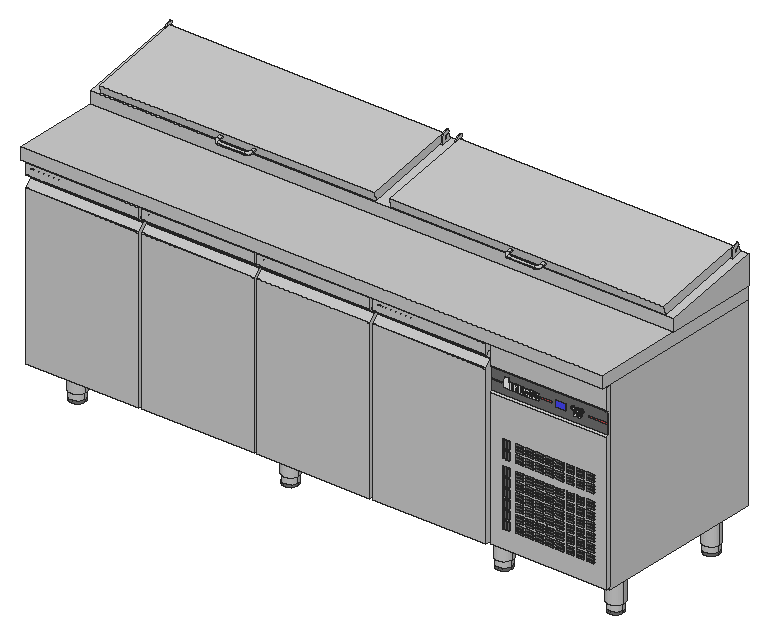
Revit family "QF_INOMAK_ZPZP9999_250612094629", category Specialty Equipment, Revit 2021
Family settings
  Round Connector Dimension = Use Diameter
  Part Type = Normal
  OmniClass Number = 23.40.40.14
  OmniClass Title = Food Service Equipment
  Work Plane-Based = No
  Always vertical = Yes
  Cut with Voids When Loaded = No
  Shared = No
  Room Calculation Point = No
Parameters (values of type "ZPZP9999")
  Weight [instance] = 175.00 kg
  Warranty Start Date [instance] = ""
  Warranty Duration [instance] = ""
  Volts [instance] = 230 V
  Volt Free Conn [instance] = no
  URL Recommended Spares List [instance] = ""
  URL Manufacturer [instance] = ""
  URL Cutsheet [instance] = ""
  URL Critical Spares List [instance] = ""
  URL = "www.inomak.com"
  Technical Documentation [instance] = ""
  Tag Number [instance] = ""
  Status [instance] = ""
  Start Up Current [instance] = 0 A
  Specification by User [instance] = ""
  Specification by Manufacturer [instance] = ""
  Sound Level [instance] = ""
  Show Logo [instance] = yes
  Show Clearances [instance] = yes
  Service Life Duration [instance] = ""
  Serial Number [instance] = ""
  Seismic Rating [instance] = ""
  SMACNA No [instance] = ""
  Revision Code [instance] = ""
  Revision [instance] = ""
  Production Year [instance] = ""
  Potential Equalisation [instance] = no
  Point Load [instance] = 0
  Phase [instance] = 1
  Other Equipment Approvals [instance] = ""
  Operational Current [instance] = 0 A
  Number of Poles [instance] = 2
  No Load Power Draw [instance] = no
  NAFEM Spec ID Number [instance] = ""
  Model Warning [instance] = ""
  Model = "ZPZP9999"
  Min Ckt Ampacity [instance] = 0 A
  Max Overcurrent Protection [instance] = 10 A
  Masterspec [instance] = ""
  Manufacturer = "INOMAK"
  Main switch integrated [instance] = no
  Length Actual [instance] = 2242.058 mm
  Item Number [instance] = ""
  Installed By [instance] = ""
  Installation Date [instance] = ""
  Identify Quantity as Lot [instance] = no
  ID [instance] = ""
  Hygiene Approval [instance] = ""
  Height Actual [instance] = 1019.048 mm
  HP power [instance] = ""
  Furnished By [instance] = ""
  Foodservice Equipment Identifier [instance] = no
  FL Amps [instance] = 2.02 A
  Electrical Remarks [instance] = ""
  Electric power [instance] = 460 W
  Electric Connection Type [instance] = ""
  Elec Conn RI Height [instance] = 0 mm
  Elec Conn Connection Height [instance] = 0 mm
  ETL Approved [instance] = no
  Description = "ZENOBIA PREP STATIONS WITH STAINLESS STEEL TOP AND 4 GN 1/1 DOORS"
  Depth Actual [instance] = 700.024 mm
  Default Elevation = 0 mm
  Cycle [instance] = 50 Hz
  Cost = 0
  Connection to energy optimisation system [instance] = yes
  Conn Plug [instance] = ""
  Conn Conduit [instance] = no
  Centralized building control system with digital interface [instance] = ""
  CSI MasterFormat [instance] = ""
  CE Approved [instance] = no
  Barcode [instance] = 0
  Author [instance] = ""
  Asset Identifier [instance] = ""
  Apparent Power [instance] = 460 VA
  Accessory [instance] = no
Reference planes
  plane 1 "Center (Front/Back)": y = 0
  plane 2: z = 0
  plane 3 "Center (Left/Right)": x = 0
Forms (mm)
  Extrusion 1, solid, not visible
    sketch origin (1835.09, -100.005, 146.007) x (1, 0, 0) y (0, 1, 0)
      loop
        line (-2, 2) -> (-2, -2) -> (2, -2) -> (2, 2) -> (-2, 2)
    from -2 to 2
Dimensions and locks
  locked: nested 2 to Extrusion 1 at 2  (x2)
  aligned and locked: level to plane 2
Nested families
  nested 1: "QF_INOMAK_REF_COUNTERS_2242_2920" at (0, 0, 144), type "ZPZP9999"
    with Weight 175.00 kg, Warranty Start Date "", Warranty Duration "", URL Cutsheet "", Technical Documentation "", Tag Number "", Status "", Specification by User "", Specification by Manufacturer "", Sound Level "", Solid Fuel Type "", Show Clearances yes, Show Clearance yes, Service Life Duration "", Serial Number "", Seismic Rating "", SMACNA No "", Revision Code "", Revision "", Production Year "", Point Load 0, Other Equipment Approvals "", NAFEM Spec ID Number "", Model Warning "", Masterspec "", Length Actual 2242.058 mm, Item Number "", Installed By "", Installation Date "", Identify Quantity as Lot yes, ID "", Hygiene Approval "", Height Actual 1019.048 mm, Furnished By "", Foodservice Equipment Identifier yes, Finish none, ETL Approved yes, Depth Actual 700.024 mm, CSI MasterFormat "", CE Approved yes, Barcode "", Author "", Asset Identifier "", Accessory no
  nested 2: "CONN_POINT_ELE_2D___Generic_Annotation" at (1835.09, -100.005, 144.007), type "CONN_POINT_ELE_2D___Generic_Annotation"
    with Onboard connection annotation symbol visibility yes
  nested 3: "QF_INOMAK_REF_SALADETTE_WORKTOPS_PS_2242_7164" at (0, 0, 854), type "WTPS-2242-700"
    with Worktop thickness 46 mm, Weight 0.00 kg, Warranty Start Date "", Warranty Duration "", URL Cutsheet "", Technical Documentation "", Tag Number "", Status "", Specification by User "", Specification by Manufacturer "", Sound Level "", Solid Fuel Type "", Show Logo yes, Show Clearances yes, Service Life Duration "", Serial Number "", Seismic Rating "", SMACNA No "", Revision Code "", Revision "", Production Year "", Point Load 0, Other Equipment Approvals "", NAFEM Spec ID Number "", Model Warning "", Masterspec "", Length Actual 2242.058 mm, Item Number "", Installed By "", Installation Date "", Identify Quantity as Lot yes, ID "", Hygiene Approval "", Height Actual 45.974 mm, Height AFF 0 mm, Furnished By "", Foodservice Equipment Identifier yes, Finish none, ETL Approved yes, Depth Actual 700.024 mm, CSI MasterFormat "", CE Approved yes, Barcode "", Author "", Asset Identifier "", Accessory yes
  nested 4: "QF_INOMAK_REF_COUNTERS_LEGS_9302" at (0, 0, 0), type "LG-2240-700"
    with Weight 0.00 kg, Warranty Start Date "", Warranty Duration "", URL Cutsheet "", Technical Documentation "", Tag Number "", Status "", Specification by User "", Specification by Manufacturer "", Sound Level "", Solid Fuel Type "", Show Logo yes, Show Clearances yes, Service Life Duration "", Serial Number "", Seismic Rating "", SMACNA No "", Revision Code "", Revision "", Production Year "", Point Load 0, Other Equipment Approvals "", NAFEM Spec ID Number "", Model Warning "", Masterspec "", Length Actual 2242.058 mm, Legs inset right 70 mm, Legs inset rear 90 mm, Legs inset left 100 mm, Legs inset front 150 mm, Item Number "", Installed By "", Installation Date "", Identify Quantity as Lot yes, ID "", Hygiene Approval "", Height Actual 144.018 mm, Furnished By "", Foodservice Equipment Identifier yes, ETL Approved yes, Depth Actual 700.024 mm, CentralLegs yes, CSI MasterFormat "", CE Approved yes, Barcode "", Author "", Asset Identifier "", Accessory yes
Connectors
  electrical at (1835.09, -100.005, 144.007), driven by "Apparent Power", driven by "Number of Poles", driven by "Volts"
    settings: on Extrusion 1, index 1, voltage 230 V, apparent load 0 VA, apparent load phase1 460 VA, apparent load phase2 0 VA, apparent load phase3 0 VA, power factor 1, load classification "Other", number of poles 2, system type 31, power factor state 1, is connector primary yes, connector utility no, sub classification motor no, connector description "Electrical connection for ZPZP9999"
Definition of nested family "QF_INOMAK_REF_COUNTERS_2242_2920"
  Parameters (values of type "ZPZP9999")
    Weight [instance] = 0.00 kg
    Warranty Start Date [instance] = ""
    Warranty Duration [instance] = ""
    URL Cutsheet [instance] = ""
    URL = "www.inomak.com"
    Technical Documentation [instance] = ""
    Tag Number [instance] = ""
    Status [instance] = ""
    Specification by User [instance] = ""
    Specification by Manufacturer [instance] = ""
    Sound Level [instance] = ""
    Solid Fuel Type [instance] = ""
    Show Logo = yes
    Show Clearances [instance] = yes
    Show Clearance [instance] = yes
    Service Life Duration [instance] = ""
    Serial Number [instance] = ""
    Seismic Rating [instance] = ""
    SMACNA No [instance] = ""
    Right hand hinged door = yes
    Revision Code [instance] = ""
    Revision [instance] = ""
    Production Year [instance] = ""
    Point Load [instance] = 0
    Other Equipment Approvals [instance] = ""
    NAFEM Spec ID Number [instance] = ""
    Model Warning [instance] = ""
    Model = "ZPZP9999"
    Masterspec [instance] = ""
    Manufacturer = "INOMAK"
    Length Actual [instance] = 0 mm
    Length = 2242 mm
    Item Number [instance] = ""
    Installed By [instance] = ""
    Installation Date [instance] = ""
    Identify Quantity as Lot [instance] = yes
    ID [instance] = ""
    Hygiene Approval [instance] = ""
    Height Actual [instance] = 0 mm
    Height = 710 mm
    Furnished By [instance] = ""
    Foodservice Equipment Identifier [instance] = yes
    Finish [instance] = none
    ETL Approved [instance] = yes
    Description = "ZENOBIA PREP STATIONS WITH STAINLESS STEEL TOP AND 4 GN 1/1 DOORS"
    Depth Actual [instance] = 0 mm
    Depth = 700 mm
    Default Elevation = 0 mm
    CSI MasterFormat [instance] = ""
    CE Approved [instance] = yes
    Barcode [instance] = ""
    Author [instance] = ""
    Asset Identifier [instance] = ""
    Assembly Code = "E1090320"
    Accessory [instance] = yes
  Reference planes
    plane 1 "Back": y = 0
    plane 2: z = 0
    plane 3 "Left": x = 0
    plane 4 "Right": x = 2242
    plane 5 "Front": y = -700
    plane 6 "Top": z = 710
  Forms (mm)
    Extrusion 1, solid, material <- "Finish"
      sketch origin (0, 0, 0) x (1, 0, 0) y (0, 1, 0)
        loop
          line (0, -648) -> (30, -648) -> (30, -30) -> (1767, -30) -> (1767, -648) -> (1797, -648) -> (1797, -665) -> (2242, -665) -> (2242, 0) -> (0, 0) -> (0, -648)
      from 0 to 710
    Extrusion 2, solid, material <- "Finish"
      sketch origin (0, 0, 0) x (1, 0, 0) y (0, 1, 0)
        loop
          line (30, -30) -> (30, -648) -> (1767, -648) -> (1767, -30) -> (30, -30)
      from 0 to 45
    Extrusion 3, solid, material <- "Finish"
      sketch origin (0, 0, 710) x (0, 1, 0) y (-1, 0, 0)
        loop
          line (-30, -30) -> (-648, -30) -> (-648, -1767) -> (-30, -1767) -> (-30, -30)
      from 0 to -30
    Extrusion 4, solid, material <- "Finish"
      sketch origin (2242, 0, 0) x (0, -1, 0) y (0, 0, 1)
        loop
          line (683.05, 705) -> (665, 705) -> (665, 10) -> (683.05, 10) -> (683.05, 532.058) -> (676.05, 539.058) -> (676.05, 618.864) -> (683.05, 625.864) -> (683.05, 705)
      from 0 to 445
    Extrusion 5, solid
      sketch origin (0, -700, 0) x (-1, 0, 0) y (0, 0, 1)
        loop
          circle (-2108.654, 586.73) r 6.965
        loop
          circle (-2125.685, 586.73) r 6.965
        loop
          circle (-2142.694, 586.73) r 6.965
        loop
          circle (-2117.18, 568.729) r 6.965
        loop
          circle (-2134.189, 568.729) r 6.965
        loop
          circle (-2108.654, 586.73) r 3.965
        loop
          circle (-2125.685, 586.73) r 3.965
        loop
          circle (-2142.694, 586.73) r 3.965
        loop
          circle (-2117.18, 568.729) r 3.965
        loop
          circle (-2134.189, 568.729) r 3.965
      from 23 to 25.5
    Extrusion 6, solid
      sketch origin (0, -700, 0) x (-1, 0, 0) y (0, 0, 1)
        loop
          line (-2080.865, 590.461) -> (-2080.865, 567.461) -> (-2040.865, 567.461) -> (-2040.865, 590.461) -> (-2080.865, 590.461)
      from 23 to 25.5
    Extrusion 7, solid
      sketch origin (0, -700, 0) x (-1, 0, 0) y (0, 0, 1)
        loop
          line (-1797, 618.864) -> (-2242, 618.864) -> (-2242, 539.058) -> (-1797, 539.058) -> (-1797, 618.864)
      from 23.5 to 25.5
    Extrusion 8, solid, visible <- "Show Logo"
      sketch origin (0, -700, 0) x (-1, 0, 0) y (0, 0, 1)
        loop
          line (-1841.061, 591.01) -> (-1847.061, 591.01) -> (-1847.061, 602.118) -> (-1861.298, 602.118) -> (-1861.298, 591.01) -> (-1867.298, 591.01) -> (-1867.298, 564.76) -> (-1841.061, 564.76) -> (-1841.061, 591.01)
        loop
          line (-1871.613, 590.698) -> (-1878.903, 590.698) -> (-1878.903, 564.76) -> (-1871.613, 564.76) -> (-1871.613, 590.698)
        loop
          line (-1881.422, 564.76) -> (-1881.422, 590.698) -> (-1888.256, 590.698) -> (-1891.449, 578.78) -> (-1891.449, 590.698) -> (-1897.982, 590.698) -> (-1897.982, 564.76) -> (-1891.449, 564.76) -> (-1887.735, 578.623) -> (-1887.735, 564.76) -> (-1881.422, 564.76)
        loop
          line (-1918.664, 564.76) -> (-1918.664, 590.698) -> (-1927.626, 590.698) -> (-1929.988, 576.688) -> (-1932.35, 590.698) -> (-1941.312, 590.698) -> (-1941.312, 564.76) -> (-1934.687, 564.76) -> (-1934.687, 578.623) -> (-1932.35, 564.76) -> (-1927.626, 564.76) -> (-1925.289, 578.623) -> (-1925.289, 564.76) -> (-1918.664, 564.76)
        loop
          line (-1903.851, 590.698) -> (-1913.176, 590.698)
          arc (-1913.176, 590.698) -> (-1915.773, 589.622) -> (-1916.849, 587.026) r 3.672
          line (-1916.849, 587.026) -> (-1916.849, 568.433)
          arc (-1916.849, 568.433) -> (-1915.773, 565.836) -> (-1913.176, 564.76) r 3.672
          line (-1913.176, 564.76) -> (-1903.851, 564.76)
          arc (-1903.851, 564.76) -> (-1901.255, 565.836) -> (-1900.179, 568.433) r 3.672
          line (-1900.179, 568.433) -> (-1900.179, 587.026)
          arc (-1900.179, 587.026) -> (-1901.255, 589.622) -> (-1903.851, 590.698) r 3.672
        loop
          arc (-1907.487, 587.542) -> (-1908.514, 588.569) -> (-1909.541, 587.542) r 1.027
          line (-1909.541, 587.542) -> (-1909.541, 568.949)
          arc (-1909.541, 568.949) -> (-1908.514, 567.922) -> (-1907.487, 568.949) r 1.027
          line (-1907.487, 568.949) -> (-1907.487, 587.542)
        loop
          line (-1942.382, 564.76) -> (-1946.755, 590.698) -> (-1955.615, 590.698) -> (-1959.988, 564.76) -> (-1953.461, 564.76) -> (-1952.852, 569.723) -> (-1949.518, 569.723) -> (-1948.909, 564.76) -> (-1942.382, 564.76)
        loop
          line (-1950.074, 574.252) -> (-1951.185, 583.299) -> (-1952.296, 574.252) -> (-1950.074, 574.252)
        loop
          line (-1960.954, 564.76) -> (-1960.954, 590.698) -> (-1967.579, 590.698) -> (-1967.579, 581.585) -> (-1970.365, 590.698) -> (-1977.803, 590.698) -> (-1973.474, 579.422) -> (-1978.522, 564.76) -> (-1970.939, 564.76) -> (-1967.579, 577.3) -> (-1967.579, 564.76) -> (-1960.954, 564.76)
      from 23 to 25.5
    Extrusion 9, solid
      sketch origin (0, -700, 0) x (-1, 0, 0) y (0, 0, 1)
        loop
          line (-1797, 580.961) -> (-1833.995, 580.961) -> (-1833.995, 576.961) -> (-1797, 576.961) -> (-1797, 580.961)
        loop
          line (-1982, 580.961) -> (-2026.365, 580.961) -> (-2026.365, 576.961) -> (-1982, 576.961) -> (-1982, 580.961)
        loop
          line (-2242, 580.961) -> (-2242, 576.961) -> (-2168.755, 576.961) -> (-2168.755, 580.961) -> (-2242, 580.961)
      from 23 to 25.5
    Extrusion 10, solid, material <- "Finish", visible <- "Right hand hinged door"
      sketch origin (448.5, 100, 0) x (0, -1, 0) y (0, 0, -1)
        loop
          line (790, -10) -> (748, -10) -> (748, -700) -> (790, -700) -> (790, -661.747)
          arc (790, -661.747) -> (788.671, -659.935) -> (786.544, -660.657) r 1.9
          line (786.544, -660.657) -> (780.029, -669.961) -> (768.119, -669.961)
          arc (768.119, -669.961) -> (766.433, -669.262) -> (765.734, -667.576) r 2.385
          line (765.734, -667.576) -> (765.734, -640.672)
          arc (765.734, -640.672) -> (765.976, -639.458) -> (766.663, -638.429) r 3.172
          line (766.663, -638.429) -> (789.485, -615.607)
          arc (789.485, -615.607) -> (789.866, -615.037) -> (790, -614.365) r 1.757
          line (790, -614.365) -> (790, -10)
      from 0 to -435
    Extrusion 11, solid, visible <- "Right hand hinged door", detail levels coarse
      sketch origin (448.5, -600, 10) x (-1, 0, 0) y (0, 1, 0)
        loop
          line (435, -90) -> (0, -90)
          arc (0, -90) -> (134.757, -385.109) -> (435, -508) r 440.665
          line (435, -508) -> (435, -90)
      from 0 to -690
    Extrusion 12, solid, material <- "Finish", visible <- "Right hand hinged door"
      sketch origin (458.5, 100, 0) x (0, -1, 0) y (0, 0, 1)
        loop
          line (790, 10) -> (790, 614.365)
          arc (790, 614.365) -> (789.866, 615.037) -> (789.485, 615.607) r 1.757
          line (789.485, 615.607) -> (766.663, 638.429)
          arc (766.663, 638.429) -> (765.976, 639.458) -> (765.734, 640.672) r 3.172
          line (765.734, 640.672) -> (765.734, 667.576)
          arc (765.734, 667.576) -> (766.433, 669.262) -> (768.119, 669.961) r 2.385
          line (768.119, 669.961) -> (780.029, 669.961) -> (786.544, 660.657)
          arc (786.544, 660.657) -> (788.671, 659.935) -> (790, 661.747) r 1.9
          line (790, 661.747) -> (790, 700) -> (748, 700) -> (748, 10) -> (790, 10)
      from 0 to -435
    Extrusion 13, solid, visible <- "Right hand hinged door", detail levels coarse
      sketch origin (458.5, -600, 10) x (-1, 0, 0) y (0, 1, 0)
        loop
          line (-435, -90) -> (-435, -508)
          arc (-435, -508) -> (-134.757, -385.109) -> (0, -90) r 440.665
          line (0, -90) -> (-435, -90)
      from 0 to -690
    Extrusion 14, solid, material <- "Finish", visible <- "Right hand hinged door"
      sketch origin (1338.5, 100, 0) x (0, -1, 0) y (0, 0, -1)
        loop
          line (790, -10) -> (748, -10) -> (748, -700) -> (790, -700) -> (790, -661.747)
          arc (790, -661.747) -> (788.671, -659.935) -> (786.544, -660.657) r 1.9
          line (786.544, -660.657) -> (780.029, -669.961) -> (768.119, -669.961)
          arc (768.119, -669.961) -> (766.433, -669.262) -> (765.734, -667.576) r 2.385
          line (765.734, -667.576) -> (765.734, -640.672)
          arc (765.734, -640.672) -> (765.976, -639.458) -> (766.663, -638.429) r 3.172
          line (766.663, -638.429) -> (789.485, -615.607)
          arc (789.485, -615.607) -> (789.866, -615.037) -> (790, -614.365) r 1.757
          line (790, -614.365) -> (790, -10)
      from 0 to -435
    Extrusion 15, solid, visible <- "Right hand hinged door", detail levels coarse
      sketch origin (1338.5, -600, 10) x (-1, 0, 0) y (0, 1, 0)
        loop
          line (435, -90) -> (0, -90)
          arc (0, -90) -> (134.757, -385.109) -> (435, -508) r 440.665
          line (435, -508) -> (435, -90)
      from 0 to -690
    Extrusion 16, solid, material <- "Finish", visible <- "Right hand hinged door"
      sketch origin (1348.5, 100, 0) x (0, -1, 0) y (0, 0, 1)
        loop
          line (790, 10) -> (790, 614.365)
          arc (790, 614.365) -> (789.866, 615.037) -> (789.485, 615.607) r 1.757
          line (789.485, 615.607) -> (766.663, 638.429)
          arc (766.663, 638.429) -> (765.976, 639.458) -> (765.734, 640.672) r 3.172
          line (765.734, 640.672) -> (765.734, 667.576)
          arc (765.734, 667.576) -> (766.433, 669.262) -> (768.119, 669.961) r 2.385
          line (768.119, 669.961) -> (780.029, 669.961) -> (786.544, 660.657)
          arc (786.544, 660.657) -> (788.671, 659.935) -> (790, 661.747) r 1.9
          line (790, 661.747) -> (790, 700) -> (748, 700) -> (748, 10) -> (790, 10)
      from 0 to -435
    Extrusion 17, solid, visible <- "Right hand hinged door", detail levels coarse
      sketch origin (1348.5, -600, 10) x (-1, 0, 0) y (0, 1, 0)
        loop
          line (-435, -90) -> (-435, -508)
          arc (-435, -508) -> (-134.757, -385.109) -> (0, -90) r 440.665
          line (0, -90) -> (-435, -90)
      from 0 to -690
  Cuts and joins
    joined: Extrusion 1, Extrusion 2, Extrusion 3
  Lines and regions (mm)
    symbolic lines, visible <- "Show Clearance"
      curve 1: line (0, 0, 0) -> (2242, 0, 0)
      curve 2: line (2242, 0, 0) -> (2242, -700, 0)
      curve 3: line (2242, -700, 0) -> (0, -700, 0)
      curve 4: line (0, -700, 0) -> (0, 0, 0)
    symbolic lines, visible <- "Right hand hinged door"
      curve 5: line (13.5, -1108, 0) -> (13.5, -700, 0)
      curve 6: arc (13.5, -1108, 0) -> (310.111, -988.559, 0) -> (447.872, -700, 0) r 440.665
      curve 7: line (893.5, -1108, 0) -> (893.5, -700, 0)
      curve 8: arc (893.5, -1108, 0) -> (596.889, -988.559, 0) -> (459.128, -700, 0) r 440.665
      curve 9: line (903.5, -1108, 0) -> (903.5, -700, 0)
      curve 10: arc (903.5, -1108, 0) -> (1200.111, -988.559, 0) -> (1337.872, -700, 0) r 440.665
      curve 11: line (1783.5, -1108, 0) -> (1783.5, -700, 0)
      curve 12: arc (1783.5, -1108, 0) -> (1486.889, -988.559, 0) -> (1349.128, -700, 0) r 440.665
  Dimensions and locks
    "Length": plane 3 "Left" to plane 4 "Right"
    "Depth": plane 5 "Front" to plane 1 "Back"
    "Height": plane 6 "Top" to plane 2
    aligned and locked: level to plane 2
    aligned and locked: plane 6 "Top" to Extrusion 1
    aligned and locked: nested 1 to plane 4 "Right"
    aligned and locked: plane 5 "Front" to nested 1
    aligned and locked: curve 5 to Extrusion 11
    aligned and locked: curve 7 to Extrusion 13
    aligned and locked: curve 11 to Extrusion 17
    aligned and locked: plane 5 "Front" to curve 3
  Automatic sketch dimensions
    Extrusion 1 sketch curve to plane 3 "Left" = 0 mm
    plane 1 "Back" to Extrusion 1 sketch curve = 0 mm
    Extrusion 1 sketch curve to plane 4 "Right" = 0 mm
    plane 3 "Left" to Extrusion 1 sketch curve = 30 mm
    plane 1 "Back" to Extrusion 1 sketch curve = 30 mm
    plane 4 "Right" to Extrusion 1 sketch curve = 475 mm
    Extrusion 1 sketch curve to Extrusion 1 sketch curve = 30 mm
    plane 5 "Front" to Extrusion 1 sketch curve = 52 mm  (x2)
    plane 5 "Front" to Extrusion 1 sketch curve = 35 mm
    plane 3 "Left" to Extrusion 2 sketch curve = 30 mm
    plane 5 "Front" to Extrusion 2 sketch curve = 52 mm
    plane 4 "Right" to Extrusion 2 sketch curve = 475 mm
    plane 1 "Back" to Extrusion 2 sketch curve = 30 mm
    plane 5 "Front" to Extrusion 3 sketch curve = 52 mm
    plane 1 "Back" to Extrusion 3 sketch curve = 30 mm
    plane 4 "Right" to Extrusion 3 sketch curve = 475 mm
    plane 3 "Left" to Extrusion 3 sketch curve = 30 mm
    Extrusion 4 sketch curve to plane 6 "Top" = 5 mm
    plane 5 "Front" to Extrusion 4 sketch curve = 35 mm
    plane 5 "Front" to Extrusion 4 sketch curve = 23.95 mm
    Extrusion 4 sketch curve to Extrusion 4 sketch curve = 7 mm  (x4)
    Extrusion 4 sketch curve to Extrusion 4 sketch curve = 79.136 mm
    Extrusion 4 sketch curve to Extrusion 4 sketch curve = 79.807 mm
    level to Extrusion 4 sketch curve = 10 mm
    Extrusion 5 sketch curve to Extrusion 5 sketch curve = 0 mm  (x13)
    plane 4 "Right" to Extrusion 5 sketch curve = 99.306 mm
    Extrusion 5 sketch curve to Extrusion 5 sketch curve = 8.505 mm
    Extrusion 5 sketch curve to Extrusion 5 sketch curve = 17.009 mm  (x2)
    Extrusion 5 sketch curve to Extrusion 5 sketch curve = 17.03 mm
    Extrusion 5 sketch curve to plane 6 "Top" = 141.271 mm
    Extrusion 5 sketch curve to Extrusion 5 sketch curve = 18.001 mm
    plane 4 "Right" to Extrusion 6 sketch curve = 161.135 mm
    Extrusion 6 sketch curve to Extrusion 6 sketch curve = 40 mm
    Extrusion 6 sketch curve to plane 6 "Top" = 142.539 mm
    Extrusion 6 sketch curve to Extrusion 6 sketch curve = 23 mm
    plane 4 "Right" to Extrusion 7 sketch curve = 0 mm
    Extrusion 7 sketch curve to plane 6 "Top" = 170.942 mm
    plane 4 "Right" to Extrusion 7 sketch curve = 445 mm
    Extrusion 7 sketch curve to Extrusion 7 sketch curve = 79.807 mm
    plane 4 "Right" to Extrusion 8 sketch curve = 263.478 mm
    Extrusion 8 sketch curve to Extrusion 8 sketch curve = 0.72 mm
    Extrusion 8 sketch curve to plane 6 "Top" = 130.578 mm
    Extrusion 8 sketch curve to Extrusion 8 sketch curve = 4.329 mm
    Extrusion 8 sketch curve to Extrusion 8 sketch curve = 7.584 mm
    Extrusion 8 sketch curve to plane 6 "Top" = 119.302 mm  (x2)
    Extrusion 8 sketch curve to Extrusion 8 sketch curve = 7.438 mm
    Extrusion 8 sketch curve to plane 6 "Top" = 132.7 mm
    Extrusion 8 sketch curve to Extrusion 8 sketch curve = 5.895 mm
    Extrusion 8 sketch curve to plane 6 "Top" = 128.415 mm
    Extrusion 8 sketch curve to Extrusion 8 sketch curve = 0 mm  (x11)
    Extrusion 8 sketch curve to Extrusion 8 sketch curve = 6.625 mm  (x2)
    Extrusion 8 sketch curve to Extrusion 8 sketch curve = 0.965 mm
    Extrusion 8 sketch curve to Extrusion 8 sketch curve = 5.338 mm
    Extrusion 8 sketch curve to Extrusion 8 sketch curve = 6.527 mm  (x2)
    Extrusion 8 sketch curve to plane 6 "Top" = 140.277 mm
    Extrusion 8 sketch curve to Extrusion 8 sketch curve = 0.609 mm
    Extrusion 8 sketch curve to plane 6 "Top" = 135.748 mm
    Extrusion 8 sketch curve to Extrusion 8 sketch curve = 0.556 mm
    Extrusion 8 sketch curve to plane 6 "Top" = 126.701 mm
    Extrusion 8 sketch curve to Extrusion 8 sketch curve = 4.43 mm  (x2)
    Extrusion 8 sketch curve to Extrusion 8 sketch curve = 2.222 mm
    Extrusion 8 sketch curve to Extrusion 8 sketch curve = 3.334 mm
    Extrusion 8 sketch curve to Extrusion 8 sketch curve = 4.552 mm
    Extrusion 8 sketch curve to plane 6 "Top" = 145.24 mm  (x2)
    Extrusion 8 sketch curve to Extrusion 8 sketch curve = 1.069 mm
    Extrusion 8 sketch curve to plane 6 "Top" = 131.377 mm  (x2)
    Extrusion 8 sketch curve to Extrusion 8 sketch curve = 8.962 mm  (x2)
    Extrusion 8 sketch curve to Extrusion 8 sketch curve = 2.337 mm
    Extrusion 8 sketch curve to plane 6 "Top" = 133.312 mm
    Extrusion 8 sketch curve to Extrusion 8 sketch curve = 4.699 mm  (x2)
    Extrusion 8 sketch curve to Extrusion 8 sketch curve = 4.724 mm  (x2)
    Extrusion 8 sketch curve to Extrusion 8 sketch curve = 1.815 mm
    Extrusion 8 sketch curve to Extrusion 8 sketch curve = 3.672 mm  (x8)
    Extrusion 8 sketch curve to Extrusion 8 sketch curve = 3.636 mm  (x3)
    Extrusion 8 sketch curve to Extrusion 8 sketch curve = 1.027 mm
    Extrusion 8 sketch curve to Extrusion 8 sketch curve = 2.197 mm
    Extrusion 8 sketch curve to Extrusion 8 sketch curve = 6.532 mm  (x2)
    Extrusion 8 sketch curve to Extrusion 8 sketch curve = 3.194 mm
    Extrusion 8 sketch curve to Extrusion 8 sketch curve = 3.714 mm
    Extrusion 8 sketch curve to Extrusion 8 sketch curve = 6.312 mm
    Extrusion 8 sketch curve to Extrusion 8 sketch curve = 2.52 mm
    Extrusion 8 sketch curve to Extrusion 8 sketch curve = 7.29 mm
    Extrusion 8 sketch curve to Extrusion 8 sketch curve = 4.315 mm
    Extrusion 8 sketch curve to Extrusion 8 sketch curve = 6 mm
    Extrusion 8 sketch curve to Extrusion 8 sketch curve = 14.237 mm
    Extrusion 8 sketch curve to Extrusion 8 sketch curve = 26.237 mm
    Extrusion 8 sketch curve to Extrusion 8 sketch curve = 14.661 mm
    Extrusion 8 sketch curve to Extrusion 8 sketch curve = 4.963 mm
    Extrusion 8 sketch curve to Extrusion 8 sketch curve = 0.516 mm  (x2)
    Extrusion 8 sketch curve to Extrusion 8 sketch curve = 13.862 mm
    Extrusion 8 sketch curve to Extrusion 8 sketch curve = 0.157 mm
    Extrusion 8 sketch curve to Extrusion 8 sketch curve = 26.25 mm
    Extrusion 8 sketch curve to Extrusion 8 sketch curve = 0.312 mm
    Extrusion 8 sketch curve to Extrusion 8 sketch curve = 11.107 mm
    plane 4 "Right" to Extrusion 9 sketch curve = 0 mm
    plane 4 "Right" to Extrusion 9 sketch curve = 73.245 mm
    Extrusion 9 sketch curve to Extrusion 9 sketch curve = 142.39 mm
    Extrusion 9 sketch curve to Extrusion 9 sketch curve = 44.365 mm
    Extrusion 9 sketch curve to Extrusion 9 sketch curve = 148.005 mm
    Extrusion 9 sketch curve to Extrusion 9 sketch curve = 36.995 mm
    Extrusion 9 sketch curve to plane 6 "Top" = 133.039 mm  (x3)
    Extrusion 9 sketch curve to Extrusion 9 sketch curve = 4 mm  (x3)
    level to Extrusion 10 sketch curve = 10 mm
    plane 5 "Front" to Extrusion 10 sketch curve = 52 mm
    plane 5 "Front" to Extrusion 10 sketch curve = 34.266 mm
    Extrusion 10 sketch curve to Extrusion 10 sketch curve = 0.929 mm
    Extrusion 10 sketch curve to Extrusion 10 sketch curve = 2.385 mm
    Extrusion 10 sketch curve to Extrusion 10 sketch curve = 3.172 mm
    Extrusion 10 sketch curve to Extrusion 10 sketch curve = 11.91 mm
    Extrusion 10 sketch curve to Extrusion 10 sketch curve = 6.515 mm
    Extrusion 10 sketch curve to Extrusion 10 sketch curve = 1.556 mm
    plane 5 "Front" to Extrusion 10 sketch curve = 11.757 mm
    Extrusion 10 sketch curve to Extrusion 10 sketch curve = 1.242 mm
    Extrusion 10 sketch curve to Extrusion 10 sketch curve = 1.9 mm
    Extrusion 10 sketch curve to Extrusion 10 sketch curve = 0.515 mm
    Extrusion 10 sketch curve to plane 6 "Top" = 95.635 mm
    Extrusion 10 sketch curve to Extrusion 10 sketch curve = 22.822 mm
    Extrusion 10 sketch curve to Extrusion 10 sketch curve = 19.985 mm
    Extrusion 10 sketch curve to Extrusion 10 sketch curve = 6.919 mm
    Extrusion 10 sketch curve to plane 6 "Top" = 10 mm
    plane 3 "Left" to Extrusion 11 sketch curve = 13.5 mm
    plane 5 "Front" to Extrusion 11 sketch curve = 10 mm
    Extrusion 11 sketch curve to Extrusion 11 sketch curve = 435 mm
    plane 3 "Left" to Extrusion 11 sketch curve = 8.417 mm
    Extrusion 11 sketch curve to Extrusion 11 sketch curve = 22.635 mm
    level to Extrusion 12 sketch curve = 10 mm
    plane 5 "Front" to Extrusion 12 sketch curve = 52 mm
    plane 5 "Front" to Extrusion 12 sketch curve = 34.266 mm
    Extrusion 12 sketch curve to Extrusion 12 sketch curve = 0.929 mm
    Extrusion 12 sketch curve to Extrusion 12 sketch curve = 2.385 mm
    Extrusion 12 sketch curve to Extrusion 12 sketch curve = 2.243 mm
    Extrusion 12 sketch curve to Extrusion 12 sketch curve = 11.91 mm
    Extrusion 12 sketch curve to Extrusion 12 sketch curve = 6.515 mm
    Extrusion 12 sketch curve to Extrusion 12 sketch curve = 1.556 mm
    plane 5 "Front" to Extrusion 12 sketch curve = 11.757 mm
    Extrusion 12 sketch curve to Extrusion 12 sketch curve = 1.242 mm
    Extrusion 12 sketch curve to Extrusion 12 sketch curve = 1.9 mm
    Extrusion 12 sketch curve to Extrusion 12 sketch curve = 0.515 mm
    Extrusion 12 sketch curve to plane 6 "Top" = 95.635 mm
    Extrusion 12 sketch curve to Extrusion 12 sketch curve = 22.822 mm
    Extrusion 12 sketch curve to Extrusion 12 sketch curve = 19.985 mm
    Extrusion 12 sketch curve to Extrusion 12 sketch curve = 6.919 mm
    Extrusion 12 sketch curve to plane 6 "Top" = 10 mm
    plane 5 "Front" to Extrusion 13 sketch curve = 32.635 mm
    plane 3 "Left" to Extrusion 13 sketch curve = 898.583 mm
    Extrusion 13 sketch curve to Extrusion 13 sketch curve = 5.083 mm
    plane 5 "Front" to Extrusion 13 sketch curve = 10 mm
    Extrusion 13 sketch curve to Extrusion 13 sketch curve = 435 mm
    level to Extrusion 14 sketch curve = 10 mm
    plane 5 "Front" to Extrusion 14 sketch curve = 52 mm
    plane 5 "Front" to Extrusion 14 sketch curve = 34.266 mm
    Extrusion 14 sketch curve to Extrusion 14 sketch curve = 0.929 mm
    Extrusion 14 sketch curve to Extrusion 14 sketch curve = 2.385 mm
    Extrusion 14 sketch curve to Extrusion 14 sketch curve = 3.172 mm
    Extrusion 14 sketch curve to Extrusion 14 sketch curve = 11.91 mm
    Extrusion 14 sketch curve to Extrusion 14 sketch curve = 6.515 mm
    Extrusion 14 sketch curve to Extrusion 14 sketch curve = 1.556 mm
    plane 5 "Front" to Extrusion 14 sketch curve = 11.757 mm
    Extrusion 14 sketch curve to Extrusion 14 sketch curve = 1.242 mm
    Extrusion 14 sketch curve to Extrusion 14 sketch curve = 1.9 mm
    Extrusion 14 sketch curve to Extrusion 14 sketch curve = 0.515 mm
    Extrusion 14 sketch curve to plane 6 "Top" = 95.635 mm
    Extrusion 14 sketch curve to Extrusion 14 sketch curve = 22.822 mm
    Extrusion 14 sketch curve to Extrusion 14 sketch curve = 19.985 mm
    Extrusion 14 sketch curve to Extrusion 14 sketch curve = 6.919 mm
    Extrusion 14 sketch curve to plane 6 "Top" = 10 mm
    plane 5 "Front" to Extrusion 15 sketch curve = 10 mm
    plane 4 "Right" to Extrusion 15 sketch curve = 903.5 mm
    Extrusion 15 sketch curve to Extrusion 15 sketch curve = 435 mm
    Extrusion 15 sketch curve to Extrusion 15 sketch curve = 5.083 mm
    Extrusion 15 sketch curve to Extrusion 15 sketch curve = 22.635 mm
    level to Extrusion 16 sketch curve = 10 mm
    plane 5 "Front" to Extrusion 16 sketch curve = 52 mm
    plane 5 "Front" to Extrusion 16 sketch curve = 34.266 mm
    Extrusion 16 sketch curve to Extrusion 16 sketch curve = 0.929 mm
    Extrusion 16 sketch curve to Extrusion 16 sketch curve = 2.385 mm
    Extrusion 16 sketch curve to Extrusion 16 sketch curve = 2.243 mm
    Extrusion 16 sketch curve to Extrusion 16 sketch curve = 11.91 mm
    Extrusion 16 sketch curve to Extrusion 16 sketch curve = 6.515 mm
    Extrusion 16 sketch curve to Extrusion 16 sketch curve = 1.556 mm
    plane 5 "Front" to Extrusion 16 sketch curve = 11.757 mm
    Extrusion 16 sketch curve to Extrusion 16 sketch curve = 1.242 mm
    Extrusion 16 sketch curve to Extrusion 16 sketch curve = 1.9 mm
    Extrusion 16 sketch curve to Extrusion 16 sketch curve = 0.515 mm
    Extrusion 16 sketch curve to plane 6 "Top" = 95.635 mm
    Extrusion 16 sketch curve to Extrusion 16 sketch curve = 22.822 mm
    Extrusion 16 sketch curve to Extrusion 16 sketch curve = 19.985 mm
    Extrusion 16 sketch curve to Extrusion 16 sketch curve = 6.919 mm
    Extrusion 16 sketch curve to plane 6 "Top" = 10 mm
    plane 5 "Front" to Extrusion 17 sketch curve = 32.635 mm
    plane 4 "Right" to Extrusion 17 sketch curve = 453.417 mm
    Extrusion 17 sketch curve to Extrusion 17 sketch curve = 5.083 mm
    plane 5 "Front" to Extrusion 17 sketch curve = 10 mm
    Extrusion 17 sketch curve to Extrusion 17 sketch curve = 435 mm
    plane 1 "Back" to curve 1 = 0 mm
    curve 1 to plane 3 "Left" = 0 mm
    curve 2 to plane 4 "Right" = 0 mm
    plane 3 "Left" to curve 6 = 8.417 mm
    curve 7 to curve 10 = 4.917 mm
    curve 10 to curve 8 = 0.166 mm
    curve 8 to curve 9 = 10 mm
    curve 11 to curve 12 = 5.083 mm
    curve 5 to plane 5 "Front" = 408 mm
    curve 9 to plane 5 "Front" = 408 mm
    curve 11 to plane 5 "Front" = 408 mm
    curve 7 to curve 9 = 0 mm
    plane 5 "Front" to curve 8 = 32.635 mm
    plane 5 "Front" to curve 6 = 32.635 mm
    curve 10 to curve 8 = 0 mm
    plane 5 "Front" to curve 12 = 32.635 mm
    radius of Extrusion 5 sketch curve = 6.965 mm  (x5)
    radius of Extrusion 5 sketch curve = 3.965 mm  (x5)
  Nested families
    nested 1: "QF_INOMAK_CONRTOL-PANEL" at (2242, 0, 0), type "PNRP9999"
      with Show Clearance yes
  Definition of nested family "QF_INOMAK_CONRTOL-PANEL"
    Parameters (values of type "PNRP9999")
      URL = ""
      Show Logo = yes
      Show Clearance [instance] = yes
      Model = ""
      Manufacturer = ""
      Length = 0 mm
      Height = 710 mm
      Front offset = 80 mm
      Description = ""
      Depth = 700 mm
      Default Elevation = 0 mm
      Assembly Code = ""
    Reference planes
      plane 1 "Back": y = 0
      plane 2: z = 0
      plane 3 "Left": x = 0
      plane 4 "Right": x = 0
      plane 5 "Front": y = -700
      plane 6 "Top": z = 710
      plane 7 "Front offset": y = -620
    Forms (mm)
      Extrusion 1, solid
        sketch origin (-2240, -700, 0) x (-1, 0, 0) y (0, 0, 1)
          loop
            arc (-2191.4, 389.855) -> (-2194.4, 386.855) -> (-2191.4, 383.855) r 3
            line (-2191.4, 383.855) -> (-2167.4, 383.855)
            arc (-2167.4, 383.855) -> (-2164.4, 386.855) -> (-2167.4, 389.855) r 3
            line (-2167.4, 389.855) -> (-2191.4, 389.855)
          loop
            arc (-2152.4, 389.855) -> (-2155.4, 386.855) -> (-2152.4, 383.855) r 3
            line (-2152.4, 383.855) -> (-2128.4, 383.855)
            arc (-2128.4, 383.855) -> (-2125.4, 386.855) -> (-2128.4, 389.855) r 3
            line (-2128.4, 389.855) -> (-2152.4, 389.855)
          loop
            arc (-2113.4, 389.855) -> (-2116.4, 386.855) -> (-2113.4, 383.855) r 3
            line (-2113.4, 383.855) -> (-2089.4, 383.855)
            arc (-2089.4, 383.855) -> (-2086.4, 386.855) -> (-2089.4, 389.855) r 3
            line (-2089.4, 389.855) -> (-2113.4, 389.855)
          loop
            arc (-2074.4, 389.855) -> (-2077.4, 386.855) -> (-2074.4, 383.855) r 3
            line (-2074.4, 383.855) -> (-2050.4, 383.855)
            arc (-2050.4, 383.855) -> (-2047.4, 386.855) -> (-2050.4, 389.855) r 3
            line (-2050.4, 389.855) -> (-2074.4, 389.855)
          loop
            arc (-2035.4, 389.855) -> (-2038.4, 386.855) -> (-2035.4, 383.855) r 3
            line (-2035.4, 383.855) -> (-2011.4, 383.855)
            arc (-2011.4, 383.855) -> (-2008.4, 386.855) -> (-2011.4, 389.855) r 3
            line (-2011.4, 389.855) -> (-2035.4, 389.855)
          loop
            arc (-1996.4, 389.855) -> (-1999.4, 386.855) -> (-1996.4, 383.855) r 3
            line (-1996.4, 383.855) -> (-1972.4, 383.855)
            arc (-1972.4, 383.855) -> (-1969.4, 386.855) -> (-1972.4, 389.855) r 3
            line (-1972.4, 389.855) -> (-1996.4, 389.855)
          loop
            arc (-1957.4, 389.855) -> (-1960.4, 386.855) -> (-1957.4, 383.855) r 3
            line (-1957.4, 383.855) -> (-1933.4, 383.855)
            arc (-1933.4, 383.855) -> (-1930.4, 386.855) -> (-1933.4, 389.855) r 3
            line (-1933.4, 389.855) -> (-1957.4, 389.855)
          loop
            arc (-1918.4, 389.855) -> (-1921.4, 386.855) -> (-1918.4, 383.855) r 3
            line (-1918.4, 383.855) -> (-1894.4, 383.855)
            arc (-1894.4, 383.855) -> (-1891.4, 386.855) -> (-1894.4, 389.855) r 3
            line (-1894.4, 389.855) -> (-1918.4, 389.855)
          loop
            arc (-2191.4, 378.855) -> (-2194.4, 375.855) -> (-2191.4, 372.855) r 3
            line (-2191.4, 372.855) -> (-2167.4, 372.855)
            arc (-2167.4, 372.855) -> (-2164.4, 375.855) -> (-2167.4, 378.855) r 3
            line (-2167.4, 378.855) -> (-2191.4, 378.855)
          loop
            arc (-2152.4, 378.855) -> (-2155.4, 375.855) -> (-2152.4, 372.855) r 3
            line (-2152.4, 372.855) -> (-2128.4, 372.855)
            arc (-2128.4, 372.855) -> (-2125.4, 375.855) -> (-2128.4, 378.855) r 3
            line (-2128.4, 378.855) -> (-2152.4, 378.855)
          loop
            arc (-2113.4, 378.855) -> (-2116.4, 375.855) -> (-2113.4, 372.855) r 3
            line (-2113.4, 372.855) -> (-2089.4, 372.855)
            arc (-2089.4, 372.855) -> (-2086.4, 375.855) -> (-2089.4, 378.855) r 3
            line (-2089.4, 378.855) -> (-2113.4, 378.855)
          loop
            arc (-2074.4, 378.855) -> (-2077.4, 375.855) -> (-2074.4, 372.855) r 3
            line (-2074.4, 372.855) -> (-2050.4, 372.855)
            arc (-2050.4, 372.855) -> (-2047.4, 375.855) -> (-2050.4, 378.855) r 3
            line (-2050.4, 378.855) -> (-2074.4, 378.855)
          loop
            arc (-2035.4, 378.855) -> (-2038.4, 375.855) -> (-2035.4, 372.855) r 3
            line (-2035.4, 372.855) -> (-2011.4, 372.855)
            arc (-2011.4, 372.855) -> (-2008.4, 375.855) -> (-2011.4, 378.855) r 3
            line (-2011.4, 378.855) -> (-2035.4, 378.855)
          loop
            arc (-1996.4, 378.855) -> (-1999.4, 375.855) -> (-1996.4, 372.855) r 3
            line (-1996.4, 372.855) -> (-1972.4, 372.855)
            arc (-1972.4, 372.855) -> (-1969.4, 375.855) -> (-1972.4, 378.855) r 3
            line (-1972.4, 378.855) -> (-1996.4, 378.855)
          loop
            arc (-1957.4, 378.855) -> (-1960.4, 375.855) -> (-1957.4, 372.855) r 3
            line (-1957.4, 372.855) -> (-1933.4, 372.855)
            arc (-1933.4, 372.855) -> (-1930.4, 375.855) -> (-1933.4, 378.855) r 3
            line (-1933.4, 378.855) -> (-1957.4, 378.855)
          loop
            arc (-1918.4, 378.855) -> (-1921.4, 375.855) -> (-1918.4, 372.855) r 3
            line (-1918.4, 372.855) -> (-1894.4, 372.855)
            arc (-1894.4, 372.855) -> (-1891.4, 375.855) -> (-1894.4, 378.855) r 3
            line (-1894.4, 378.855) -> (-1918.4, 378.855)
          loop
            arc (-2191.4, 367.855) -> (-2194.4, 364.855) -> (-2191.4, 361.855) r 3
            line (-2191.4, 361.855) -> (-2167.4, 361.855)
            arc (-2167.4, 361.855) -> (-2164.4, 364.855) -> (-2167.4, 367.855) r 3
            line (-2167.4, 367.855) -> (-2191.4, 367.855)
          loop
            arc (-2152.4, 367.855) -> (-2155.4, 364.855) -> (-2152.4, 361.855) r 3
            line (-2152.4, 361.855) -> (-2128.4, 361.855)
            arc (-2128.4, 361.855) -> (-2125.4, 364.855) -> (-2128.4, 367.855) r 3
            line (-2128.4, 367.855) -> (-2152.4, 367.855)
          loop
            arc (-2113.4, 367.855) -> (-2116.4, 364.855) -> (-2113.4, 361.855) r 3
            line (-2113.4, 361.855) -> (-2089.4, 361.855)
            arc (-2089.4, 361.855) -> (-2086.4, 364.855) -> (-2089.4, 367.855) r 3
            line (-2089.4, 367.855) -> (-2113.4, 367.855)
          loop
            arc (-2074.4, 367.855) -> (-2077.4, 364.855) -> (-2074.4, 361.855) r 3
            line (-2074.4, 361.855) -> (-2050.4, 361.855)
            arc (-2050.4, 361.855) -> (-2047.4, 364.855) -> (-2050.4, 367.855) r 3
            line (-2050.4, 367.855) -> (-2074.4, 367.855)
          loop
            arc (-2035.4, 367.855) -> (-2038.4, 364.855) -> (-2035.4, 361.855) r 3
            line (-2035.4, 361.855) -> (-2011.4, 361.855)
            arc (-2011.4, 361.855) -> (-2008.4, 364.855) -> (-2011.4, 367.855) r 3
            line (-2011.4, 367.855) -> (-2035.4, 367.855)
          loop
            arc (-1996.4, 367.855) -> (-1999.4, 364.855) -> (-1996.4, 361.855) r 3
            line (-1996.4, 361.855) -> (-1972.4, 361.855)
            arc (-1972.4, 361.855) -> (-1969.4, 364.855) -> (-1972.4, 367.855) r 3
            line (-1972.4, 367.855) -> (-1996.4, 367.855)
          loop
            arc (-1957.4, 367.855) -> (-1960.4, 364.855) -> (-1957.4, 361.855) r 3
            line (-1957.4, 361.855) -> (-1933.4, 361.855)
            arc (-1933.4, 361.855) -> (-1930.4, 364.855) -> (-1933.4, 367.855) r 3
            line (-1933.4, 367.855) -> (-1957.4, 367.855)
          loop
            arc (-1918.4, 367.855) -> (-1921.4, 364.855) -> (-1918.4, 361.855) r 3
            line (-1918.4, 361.855) -> (-1894.4, 361.855)
            arc (-1894.4, 361.855) -> (-1891.4, 364.855) -> (-1894.4, 367.855) r 3
            line (-1894.4, 367.855) -> (-1918.4, 367.855)
          loop
            arc (-2191.4, 352.855) -> (-2194.4, 349.855) -> (-2191.4, 346.855) r 3
            line (-2191.4, 346.855) -> (-2167.4, 346.855)
            arc (-2167.4, 346.855) -> (-2164.4, 349.855) -> (-2167.4, 352.855) r 3
            line (-2167.4, 352.855) -> (-2191.4, 352.855)
          loop
            arc (-2152.4, 352.855) -> (-2155.4, 349.855) -> (-2152.4, 346.855) r 3
            line (-2152.4, 346.855) -> (-2128.4, 346.855)
            arc (-2128.4, 346.855) -> (-2125.4, 349.855) -> (-2128.4, 352.855) r 3
            line (-2128.4, 352.855) -> (-2152.4, 352.855)
          loop
            arc (-2113.4, 352.855) -> (-2116.4, 349.855) -> (-2113.4, 346.855) r 3
            line (-2113.4, 346.855) -> (-2089.4, 346.855)
            arc (-2089.4, 346.855) -> (-2086.4, 349.855) -> (-2089.4, 352.855) r 3
            line (-2089.4, 352.855) -> (-2113.4, 352.855)
          loop
            arc (-2074.4, 352.855) -> (-2077.4, 349.855) -> (-2074.4, 346.855) r 3
            line (-2074.4, 346.855) -> (-2050.4, 346.855)
            arc (-2050.4, 346.855) -> (-2047.4, 349.855) -> (-2050.4, 352.855) r 3
            line (-2050.4, 352.855) -> (-2074.4, 352.855)
          loop
            arc (-2035.4, 352.855) -> (-2038.4, 349.855) -> (-2035.4, 346.855) r 3
            line (-2035.4, 346.855) -> (-2011.4, 346.855)
            arc (-2011.4, 346.855) -> (-2008.4, 349.855) -> (-2011.4, 352.855) r 3
            line (-2011.4, 352.855) -> (-2035.4, 352.855)
          loop
            arc (-1996.4, 352.855) -> (-1999.4, 349.855) -> (-1996.4, 346.855) r 3
            line (-1996.4, 346.855) -> (-1972.4, 346.855)
            arc (-1972.4, 346.855) -> (-1969.4, 349.855) -> (-1972.4, 352.855) r 3
            line (-1972.4, 352.855) -> (-1996.4, 352.855)
          loop
            arc (-1957.4, 352.855) -> (-1960.4, 349.855) -> (-1957.4, 346.855) r 3
            line (-1957.4, 346.855) -> (-1933.4, 346.855)
            arc (-1933.4, 346.855) -> (-1930.4, 349.855) -> (-1933.4, 352.855) r 3
            line (-1933.4, 352.855) -> (-1957.4, 352.855)
          loop
            arc (-1918.4, 352.855) -> (-1921.4, 349.855) -> (-1918.4, 346.855) r 3
            line (-1918.4, 346.855) -> (-1894.4, 346.855)
            arc (-1894.4, 346.855) -> (-1891.4, 349.855) -> (-1894.4, 352.855) r 3
            line (-1894.4, 352.855) -> (-1918.4, 352.855)
          loop
            arc (-2191.4, 341.855) -> (-2194.4, 338.855) -> (-2191.4, 335.855) r 3
            line (-2191.4, 335.855) -> (-2167.4, 335.855)
            arc (-2167.4, 335.855) -> (-2164.4, 338.855) -> (-2167.4, 341.855) r 3
            line (-2167.4, 341.855) -> (-2191.4, 341.855)
          loop
            arc (-2152.4, 341.855) -> (-2155.4, 338.855) -> (-2152.4, 335.855) r 3
            line (-2152.4, 335.855) -> (-2128.4, 335.855)
            arc (-2128.4, 335.855) -> (-2125.4, 338.855) -> (-2128.4, 341.855) r 3
            line (-2128.4, 341.855) -> (-2152.4, 341.855)
          loop
            arc (-2113.4, 341.855) -> (-2116.4, 338.855) -> (-2113.4, 335.855) r 3
            line (-2113.4, 335.855) -> (-2089.4, 335.855)
            arc (-2089.4, 335.855) -> (-2086.4, 338.855) -> (-2089.4, 341.855) r 3
            line (-2089.4, 341.855) -> (-2113.4, 341.855)
          loop
            arc (-2074.4, 341.855) -> (-2077.4, 338.855) -> (-2074.4, 335.855) r 3
            line (-2074.4, 335.855) -> (-2050.4, 335.855)
            arc (-2050.4, 335.855) -> (-2047.4, 338.855) -> (-2050.4, 341.855) r 3
            line (-2050.4, 341.855) -> (-2074.4, 341.855)
          loop
            arc (-2035.4, 341.855) -> (-2038.4, 338.855) -> (-2035.4, 335.855) r 3
            line (-2035.4, 335.855) -> (-2011.4, 335.855)
            arc (-2011.4, 335.855) -> (-2008.4, 338.855) -> (-2011.4, 341.855) r 3
            line (-2011.4, 341.855) -> (-2035.4, 341.855)
          loop
            arc (-1996.4, 341.855) -> (-1999.4, 338.855) -> (-1996.4, 335.855) r 3
            line (-1996.4, 335.855) -> (-1972.4, 335.855)
            arc (-1972.4, 335.855) -> (-1969.4, 338.855) -> (-1972.4, 341.855) r 3
            line (-1972.4, 341.855) -> (-1996.4, 341.855)
          loop
            arc (-1957.4, 341.855) -> (-1960.4, 338.855) -> (-1957.4, 335.855) r 3
            line (-1957.4, 335.855) -> (-1933.4, 335.855)
            arc (-1933.4, 335.855) -> (-1930.4, 338.855) -> (-1933.4, 341.855) r 3
            line (-1933.4, 341.855) -> (-1957.4, 341.855)
          loop
            arc (-1918.4, 341.855) -> (-1921.4, 338.855) -> (-1918.4, 335.855) r 3
            line (-1918.4, 335.855) -> (-1894.4, 335.855)
            arc (-1894.4, 335.855) -> (-1891.4, 338.855) -> (-1894.4, 341.855) r 3
            line (-1894.4, 341.855) -> (-1918.4, 341.855)
          loop
            arc (-2191.4, 330.855) -> (-2194.4, 327.855) -> (-2191.4, 324.855) r 3
            line (-2191.4, 324.855) -> (-2167.4, 324.855)
            arc (-2167.4, 324.855) -> (-2164.4, 327.855) -> (-2167.4, 330.855) r 3
            line (-2167.4, 330.855) -> (-2191.4, 330.855)
          loop
            arc (-2152.4, 330.855) -> (-2155.4, 327.855) -> (-2152.4, 324.855) r 3
            line (-2152.4, 324.855) -> (-2128.4, 324.855)
            arc (-2128.4, 324.855) -> (-2125.4, 327.855) -> (-2128.4, 330.855) r 3
            line (-2128.4, 330.855) -> (-2152.4, 330.855)
          loop
            arc (-2113.4, 330.855) -> (-2116.4, 327.855) -> (-2113.4, 324.855) r 3
            line (-2113.4, 324.855) -> (-2089.4, 324.855)
            arc (-2089.4, 324.855) -> (-2086.4, 327.855) -> (-2089.4, 330.855) r 3
            line (-2089.4, 330.855) -> (-2113.4, 330.855)
          loop
            arc (-2074.4, 330.855) -> (-2077.4, 327.855) -> (-2074.4, 324.855) r 3
            line (-2074.4, 324.855) -> (-2050.4, 324.855)
            arc (-2050.4, 324.855) -> (-2047.4, 327.855) -> (-2050.4, 330.855) r 3
            line (-2050.4, 330.855) -> (-2074.4, 330.855)
          loop
            arc (-2035.4, 330.855) -> (-2038.4, 327.855) -> (-2035.4, 324.855) r 3
            line (-2035.4, 324.855) -> (-2011.4, 324.855)
            arc (-2011.4, 324.855) -> (-2008.4, 327.855) -> (-2011.4, 330.855) r 3
            line (-2011.4, 330.855) -> (-2035.4, 330.855)
          loop
            arc (-1996.4, 330.855) -> (-1999.4, 327.855) -> (-1996.4, 324.855) r 3
            line (-1996.4, 324.855) -> (-1972.4, 324.855)
            arc (-1972.4, 324.855) -> (-1969.4, 327.855) -> (-1972.4, 330.855) r 3
            line (-1972.4, 330.855) -> (-1996.4, 330.855)
          loop
            arc (-1957.4, 330.855) -> (-1960.4, 327.855) -> (-1957.4, 324.855) r 3
            line (-1957.4, 324.855) -> (-1933.4, 324.855)
            arc (-1933.4, 324.855) -> (-1930.4, 327.855) -> (-1933.4, 330.855) r 3
            line (-1933.4, 330.855) -> (-1957.4, 330.855)
          loop
            arc (-1918.4, 330.855) -> (-1921.4, 327.855) -> (-1918.4, 324.855) r 3
            line (-1918.4, 324.855) -> (-1894.4, 324.855)
            arc (-1894.4, 324.855) -> (-1891.4, 327.855) -> (-1894.4, 330.855) r 3
            line (-1894.4, 330.855) -> (-1918.4, 330.855)
          loop
            arc (-2191.4, 295.855) -> (-2194.4, 292.855) -> (-2191.4, 289.855) r 3
            line (-2191.4, 289.855) -> (-2167.4, 289.855)
            arc (-2167.4, 289.855) -> (-2164.4, 292.855) -> (-2167.4, 295.855) r 3
            line (-2167.4, 295.855) -> (-2191.4, 295.855)
          loop
            arc (-2152.4, 295.855) -> (-2155.4, 292.855) -> (-2152.4, 289.855) r 3
            line (-2152.4, 289.855) -> (-2128.4, 289.855)
            arc (-2128.4, 289.855) -> (-2125.4, 292.855) -> (-2128.4, 295.855) r 3
            line (-2128.4, 295.855) -> (-2152.4, 295.855)
          loop
            arc (-2113.4, 295.855) -> (-2116.4, 292.855) -> (-2113.4, 289.855) r 3
            line (-2113.4, 289.855) -> (-2089.4, 289.855)
            arc (-2089.4, 289.855) -> (-2086.4, 292.855) -> (-2089.4, 295.855) r 3
            line (-2089.4, 295.855) -> (-2113.4, 295.855)
          loop
            arc (-2074.4, 295.855) -> (-2077.4, 292.855) -> (-2074.4, 289.855) r 3
            line (-2074.4, 289.855) -> (-2050.4, 289.855)
            arc (-2050.4, 289.855) -> (-2047.4, 292.855) -> (-2050.4, 295.855) r 3
            line (-2050.4, 295.855) -> (-2074.4, 295.855)
          loop
            arc (-2035.4, 295.855) -> (-2038.4, 292.855) -> (-2035.4, 289.855) r 3
            line (-2035.4, 289.855) -> (-2011.4, 289.855)
            arc (-2011.4, 289.855) -> (-2008.4, 292.855) -> (-2011.4, 295.855) r 3
            line (-2011.4, 295.855) -> (-2035.4, 295.855)
          loop
            arc (-1996.4, 295.855) -> (-1999.4, 292.855) -> (-1996.4, 289.855) r 3
            line (-1996.4, 289.855) -> (-1972.4, 289.855)
            arc (-1972.4, 289.855) -> (-1969.4, 292.855) -> (-1972.4, 295.855) r 3
            line (-1972.4, 295.855) -> (-1996.4, 295.855)
          loop
            arc (-1957.4, 295.855) -> (-1960.4, 292.855) -> (-1957.4, 289.855) r 3
            line (-1957.4, 289.855) -> (-1933.4, 289.855)
            arc (-1933.4, 289.855) -> (-1930.4, 292.855) -> (-1933.4, 295.855) r 3
            line (-1933.4, 295.855) -> (-1957.4, 295.855)
          loop
            arc (-1918.4, 295.855) -> (-1921.4, 292.855) -> (-1918.4, 289.855) r 3
            line (-1918.4, 289.855) -> (-1894.4, 289.855)
            arc (-1894.4, 289.855) -> (-1891.4, 292.855) -> (-1894.4, 295.855) r 3
            line (-1894.4, 295.855) -> (-1918.4, 295.855)
          loop
            arc (-2191.4, 284.855) -> (-2194.4, 281.855) -> (-2191.4, 278.855) r 3
            line (-2191.4, 278.855) -> (-2167.4, 278.855)
            arc (-2167.4, 278.855) -> (-2164.4, 281.855) -> (-2167.4, 284.855) r 3
            line (-2167.4, 284.855) -> (-2191.4, 284.855)
          loop
            arc (-2152.4, 284.855) -> (-2155.4, 281.855) -> (-2152.4, 278.855) r 3
            line (-2152.4, 278.855) -> (-2128.4, 278.855)
            arc (-2128.4, 278.855) -> (-2125.4, 281.855) -> (-2128.4, 284.855) r 3
            line (-2128.4, 284.855) -> (-2152.4, 284.855)
          loop
            arc (-2113.4, 284.855) -> (-2116.4, 281.855) -> (-2113.4, 278.855) r 3
            line (-2113.4, 278.855) -> (-2089.4, 278.855)
            arc (-2089.4, 278.855) -> (-2086.4, 281.855) -> (-2089.4, 284.855) r 3
            line (-2089.4, 284.855) -> (-2113.4, 284.855)
          loop
            arc (-2074.4, 284.855) -> (-2077.4, 281.855) -> (-2074.4, 278.855) r 3
            line (-2074.4, 278.855) -> (-2050.4, 278.855)
            arc (-2050.4, 278.855) -> (-2047.4, 281.855) -> (-2050.4, 284.855) r 3
            line (-2050.4, 284.855) -> (-2074.4, 284.855)
          loop
            arc (-2035.4, 284.855) -> (-2038.4, 281.855) -> (-2035.4, 278.855) r 3
            line (-2035.4, 278.855) -> (-2011.4, 278.855)
            arc (-2011.4, 278.855) -> (-2008.4, 281.855) -> (-2011.4, 284.855) r 3
            line (-2011.4, 284.855) -> (-2035.4, 284.855)
          loop
            arc (-1996.4, 284.855) -> (-1999.4, 281.855) -> (-1996.4, 278.855) r 3
            line (-1996.4, 278.855) -> (-1972.4, 278.855)
            arc (-1972.4, 278.855) -> (-1969.4, 281.855) -> (-1972.4, 284.855) r 3
            line (-1972.4, 284.855) -> (-1996.4, 284.855)
          loop
            arc (-1957.4, 284.855) -> (-1960.4, 281.855) -> (-1957.4, 278.855) r 3
            line (-1957.4, 278.855) -> (-1933.4, 278.855)
            arc (-1933.4, 278.855) -> (-1930.4, 281.855) -> (-1933.4, 284.855) r 3
            line (-1933.4, 284.855) -> (-1957.4, 284.855)
          loop
            arc (-1918.4, 284.855) -> (-1921.4, 281.855) -> (-1918.4, 278.855) r 3
            line (-1918.4, 278.855) -> (-1894.4, 278.855)
            arc (-1894.4, 278.855) -> (-1891.4, 281.855) -> (-1894.4, 284.855) r 3
            line (-1894.4, 284.855) -> (-1918.4, 284.855)
          loop
            arc (-2191.4, 273.855) -> (-2194.4, 270.855) -> (-2191.4, 267.855) r 3
            line (-2191.4, 267.855) -> (-2167.4, 267.855)
            arc (-2167.4, 267.855) -> (-2164.4, 270.855) -> (-2167.4, 273.855) r 3
            line (-2167.4, 273.855) -> (-2191.4, 273.855)
          loop
            arc (-2152.4, 273.855) -> (-2155.4, 270.855) -> (-2152.4, 267.855) r 3
            line (-2152.4, 267.855) -> (-2128.4, 267.855)
            arc (-2128.4, 267.855) -> (-2125.4, 270.855) -> (-2128.4, 273.855) r 3
            line (-2128.4, 273.855) -> (-2152.4, 273.855)
          loop
            arc (-2113.4, 273.855) -> (-2116.4, 270.855) -> (-2113.4, 267.855) r 3
            line (-2113.4, 267.855) -> (-2089.4, 267.855)
            arc (-2089.4, 267.855) -> (-2086.4, 270.855) -> (-2089.4, 273.855) r 3
            line (-2089.4, 273.855) -> (-2113.4, 273.855)
          loop
            arc (-2074.4, 273.855) -> (-2077.4, 270.855) -> (-2074.4, 267.855) r 3
            line (-2074.4, 267.855) -> (-2050.4, 267.855)
            arc (-2050.4, 267.855) -> (-2047.4, 270.855) -> (-2050.4, 273.855) r 3
            line (-2050.4, 273.855) -> (-2074.4, 273.855)
          loop
            arc (-2035.4, 273.855) -> (-2038.4, 270.855) -> (-2035.4, 267.855) r 3
            line (-2035.4, 267.855) -> (-2011.4, 267.855)
            arc (-2011.4, 267.855) -> (-2008.4, 270.855) -> (-2011.4, 273.855) r 3
            line (-2011.4, 273.855) -> (-2035.4, 273.855)
          loop
            arc (-1996.4, 273.855) -> (-1999.4, 270.855) -> (-1996.4, 267.855) r 3
            line (-1996.4, 267.855) -> (-1972.4, 267.855)
            arc (-1972.4, 267.855) -> (-1969.4, 270.855) -> (-1972.4, 273.855) r 3
            line (-1972.4, 273.855) -> (-1996.4, 273.855)
          loop
            arc (-1957.4, 273.855) -> (-1960.4, 270.855) -> (-1957.4, 267.855) r 3
            line (-1957.4, 267.855) -> (-1933.4, 267.855)
            arc (-1933.4, 267.855) -> (-1930.4, 270.855) -> (-1933.4, 273.855) r 3
            line (-1933.4, 273.855) -> (-1957.4, 273.855)
          loop
            arc (-1918.4, 273.855) -> (-1921.4, 270.855) -> (-1918.4, 267.855) r 3
            line (-1918.4, 267.855) -> (-1894.4, 267.855)
            arc (-1894.4, 267.855) -> (-1891.4, 270.855) -> (-1894.4, 273.855) r 3
            line (-1894.4, 273.855) -> (-1918.4, 273.855)
          loop
            arc (-2191.4, 258.855) -> (-2194.4, 255.855) -> (-2191.4, 252.855) r 3
            line (-2191.4, 252.855) -> (-2167.4, 252.855)
            arc (-2167.4, 252.855) -> (-2164.4, 255.855) -> (-2167.4, 258.855) r 3
            line (-2167.4, 258.855) -> (-2191.4, 258.855)
          loop
            arc (-2152.4, 258.855) -> (-2155.4, 255.855) -> (-2152.4, 252.855) r 3
            line (-2152.4, 252.855) -> (-2128.4, 252.855)
            arc (-2128.4, 252.855) -> (-2125.4, 255.855) -> (-2128.4, 258.855) r 3
            line (-2128.4, 258.855) -> (-2152.4, 258.855)
          loop
            arc (-2113.4, 258.855) -> (-2116.4, 255.855) -> (-2113.4, 252.855) r 3
            line (-2113.4, 252.855) -> (-2089.4, 252.855)
            arc (-2089.4, 252.855) -> (-2086.4, 255.855) -> (-2089.4, 258.855) r 3
            line (-2089.4, 258.855) -> (-2113.4, 258.855)
          loop
            arc (-2074.4, 258.855) -> (-2077.4, 255.855) -> (-2074.4, 252.855) r 3
            line (-2074.4, 252.855) -> (-2050.4, 252.855)
            arc (-2050.4, 252.855) -> (-2047.4, 255.855) -> (-2050.4, 258.855) r 3
            line (-2050.4, 258.855) -> (-2074.4, 258.855)
          loop
            arc (-2035.4, 258.855) -> (-2038.4, 255.855) -> (-2035.4, 252.855) r 3
            line (-2035.4, 252.855) -> (-2011.4, 252.855)
            arc (-2011.4, 252.855) -> (-2008.4, 255.855) -> (-2011.4, 258.855) r 3
            line (-2011.4, 258.855) -> (-2035.4, 258.855)
          loop
            arc (-1996.4, 258.855) -> (-1999.4, 255.855) -> (-1996.4, 252.855) r 3
            line (-1996.4, 252.855) -> (-1972.4, 252.855)
            arc (-1972.4, 252.855) -> (-1969.4, 255.855) -> (-1972.4, 258.855) r 3
            line (-1972.4, 258.855) -> (-1996.4, 258.855)
          loop
            arc (-1957.4, 258.855) -> (-1960.4, 255.855) -> (-1957.4, 252.855) r 3
            line (-1957.4, 252.855) -> (-1933.4, 252.855)
            arc (-1933.4, 252.855) -> (-1930.4, 255.855) -> (-1933.4, 258.855) r 3
            line (-1933.4, 258.855) -> (-1957.4, 258.855)
